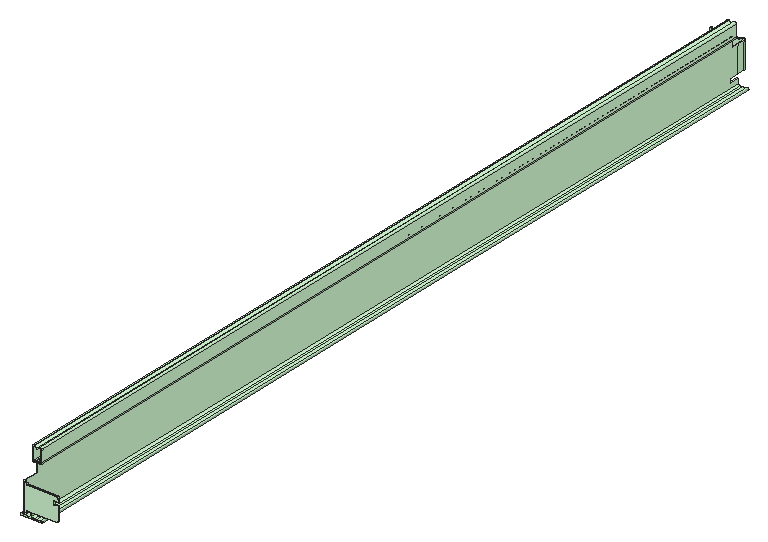
Revit family "eTバー4015クロス(600グリッド用)", category 機械設備, Revit 2020
Family settings
  丸型コネクタ寸法 = 直径を使用
  種別 = なし
  パーツ タイプ = 標準
  作業面ベース = いいえ
  常に垂直 = はい
  ロード時にボイドで切り取り = いいえ
  共有 = いいえ
  部屋計算ポイント = いいえ
Parameters
  製造元 = "株式会社桐井製作所"
  既定の高さ = 0 mm
  URL = "https://www.kirii.co.jp/"
  K_長さ(mm) = 600 mm
  K_材質 = "溶融亜鉛めっき鋼板及び鋼帯SGCC 一般用　カラー鋼板"
  K_品名 = "eTバー4015クロス(600グリッド用)"
  K_名称 = "Tバー"
  K_入数 = "40"
  K_バージョン情報 = "20220411"
  K_めっき付着量 = "JIS G 3302 Z12、カラー鋼板　塗装膜厚20μ(白色)"
  K_JIS規格 = "JIS G 3302"
Reference planes
  plane 1 "中心(正面/背面)": y = 0
  plane 2: z = 0
  plane 3 "中心(左/右)": x = 0
  plane 4: y = 600
Forms (mm)
  Extrusion 1, solid
    sketch origin (0, -1320, 7.1) x (-1, 0, 0) y (0, 0, 1)
      loop
        arc (0.4, 24.899) -> (0.715, 25.363) -> (1.263, 25.242) r 0.5
        arc (1.263, 25.242) -> (1.627, 24.916) -> (2.1, 24.799) r 1.011
        arc (2.1, 24.799) -> (2.736, 25.062) -> (3, 25.699) r 0.9
        line (3, 25.699) -> (3, 33.799)
        arc (3, 33.799) -> (2.473, 34.679) -> (1.448, 34.633) r 1
        line (1.448, 34.633) -> (0, 33.681) -> (-1.448, 34.633)
        arc (-1.448, 34.633) -> (-2.473, 34.679) -> (-3, 33.799) r 1
        line (-3, 33.799) -> (-3, 25.699)
        arc (-3, 25.699) -> (-2.736, 25.062) -> (-2.1, 24.799) r 0.9
        arc (-2.1, 24.799) -> (-1.627, 24.916) -> (-1.263, 25.242) r 1.011
        arc (-1.263, 25.242) -> (-0.715, 25.363) -> (-0.4, 24.899) r 0.5
        line (-0.4, 24.899) -> (-0.4, -5.442)
        arc (-0.4, -5.442) -> (-0.717, -6.207) -> (-1.483, -6.525) r 1.083
        line (-1.483, -6.525) -> (-4, -6.26) -> (-5.807, -6.26) -> (-6.519, -5.891)
        arc (-6.519, -5.891) -> (-7.477, -6.278) -> (-6.85, -7.1) r 0.65
        line (-6.85, -7.1) -> (6.85, -7.1)
        arc (6.85, -7.1) -> (7.477, -6.278) -> (6.519, -5.891) r 0.65
        line (6.519, -5.891) -> (5.807, -6.26) -> (4, -6.26) -> (1.483, -6.525)
        arc (1.483, -6.525) -> (0.717, -6.207) -> (0.4, -5.441) r 1.083
        line (0.4, -5.441) -> (0.4, 24.899)
      loop
        arc (-1.668, 34.298) -> (-2.283, 34.327) -> (-2.6, 33.799) r 0.6
        line (-2.6, 33.799) -> (-2.6, 25.699)
        arc (-2.6, 25.699) -> (-2.302, 25.241) -> (-1.763, 25.329) r 0.5
        line (-1.763, 25.329) -> (-1.063, 25.784)
        arc (-1.063, 25.784) -> (-0.324, 25.59) -> (0, 24.899) r 0.9
        arc (0, 24.899) -> (0.324, 25.59) -> (1.063, 25.784) r 0.9
        line (1.063, 25.784) -> (1.763, 25.329)
        arc (1.763, 25.329) -> (2.302, 25.241) -> (2.6, 25.699) r 0.5
        line (2.6, 25.699) -> (2.6, 33.799)
        arc (2.6, 33.799) -> (2.283, 34.327) -> (1.668, 34.298) r 0.6
        line (1.668, 34.298) -> (0.549, 33.563)
        arc (0.549, 33.563) -> (0, 33.399) -> (-0.549, 33.563) r 1
        line (-0.549, 33.563) -> (-1.668, 34.298)
    from 1320 to 1920
  Extrusion 2, void
    sketch origin (0, 0, 0) x (0, 1, 0) y (0, 0, 1)
      loop
        line (5, 41.941) -> (0, 41.941) -> (0, 25.9) -> (5, 25.9) -> (5, 41.941)
    from -3.77 to 3.77
  Extrusion 3, solid
    sketch origin (-0.114, 0, 16.166) x (1, 0, 0) y (0, 1, 0)
      loop
        line (24.214, -7.2) -> (24.214, -6.4) -> (1.714, -6.4)
        arc (1.714, -6.4) -> (0.866, -6.049) -> (0.514, -5.2) r 1.2
        line (0.514, -5.2) -> (0.514, 0) -> (-0.286, 0) -> (-0.286, -5.2)
        arc (-0.286, -5.2) -> (0.3, -6.614) -> (1.714, -7.2) r 2
        line (1.714, -7.2) -> (24.214, -7.2)
    from -8.266 to 9.734
  Extrusion 4, void
    sketch origin (0, 0, -7.234) x (1, 0, 0) y (0, 0, 1)
      loop
        line (2.6, 31.999) -> (23.1, 31.999)
        arc (23.1, 31.999) -> (23.807, 31.706) -> (24.1, 30.999) r 1
        line (24.1, 30.999) -> (24.1, 33.134) -> (2.6, 33.134) -> (2.6, 31.999)
    from 6.4 to 7.2
  Extrusion 5, void
    sketch origin (0, 0, -7.234) x (1, 0, 0) y (0, 0, 1)
      loop
        line (24.1, 26.599) -> (24.1, 28.599) -> (21.1, 28.599) -> (21.1, 26.599) -> (24.1, 26.599)
    from 6.4 to 7.2
  Extrusion 6, void
    sketch origin (0, 0, 0) x (0, 1, 0) y (0, 0, 1)
      loop
        line (6.9, 7.833) -> (0, 7.833) -> (0, 4.833) -> (6.9, 4.833) -> (6.9, 7.833)
    from -0.4 to 0.4
  Extrusion 7, void
    sketch origin (0, -13.6, -8.031) x (1, 0, 0) y (0, 0, -1)
      loop
        line (24.1, -15.931) -> (2.6, -15.931) -> (2.6, -16.999) -> (22.1, -16.999)
        arc (22.1, -16.999) -> (23.231, -17.237) -> (24.1, -17.999) r 2.28
        line (24.1, -17.999) -> (24.1, -15.931)
    from 6.4 to 7.2
  Extrusion 8, void
    sketch origin (0, 600, 0) x (0, -1, 0) y (0, 0, -1)
      loop
        line (5, -41.941) -> (5, -25.737) -> (0, -25.737) -> (0, -41.941) -> (5, -41.941)
    from -3.77 to 3.77
  Extrusion 9, void
    sketch origin (0, 600, 0) x (0, -1, 0) y (0, 0, -1)
      loop
        line (6.9, -7.833) -> (6.9, -4.833) -> (0, -4.833) -> (0, -7.833) -> (6.9, -7.833)
    from -0.4 to 0.4
  Extrusion 10, solid
    sketch origin (0.114, 600, 16.166) x (-1, 0, 0) y (0, -1, 0)
      loop
        line (24.214, -7.2) -> (24.214, -6.4) -> (1.714, -6.4)
        arc (1.714, -6.4) -> (0.866, -6.049) -> (0.514, -5.2) r 1.2
        line (0.514, -5.2) -> (0.514, 0) -> (-0.286, 0) -> (-0.286, -5.2)
        arc (-0.286, -5.2) -> (0.3, -6.614) -> (1.714, -7.2) r 2
        line (1.714, -7.2) -> (24.214, -7.2)
    from -8.266 to 9.571
  Extrusion 11, void
    sketch origin (0, 600, -7.234) x (-1, 0, 0) y (0, 0, 1)
      loop
        line (24.1, 26.599) -> (24.1, 28.599) -> (21.1, 28.599) -> (21.1, 26.599) -> (24.1, 26.599)
    from 6.4 to 7.2
  Extrusion 12, void
    sketch origin (0, 600, -8.099) x (-1, 0, 0) y (0, 0, 1)
      loop
        line (24.1, 15.931) -> (24.1, 17.999)
        arc (24.1, 17.999) -> (23.231, 17.237) -> (22.1, 16.999) r 2.28
        line (22.1, 16.999) -> (2.6, 16.999) -> (2.6, 15.931) -> (24.1, 15.931)
    from 6.4 to 7.2
  Extrusion 13, void
    sketch origin (0, 613.6, -7.396) x (-1, 0, 0) y (0, 0, -1)
      loop
        line (2.6, -31.999) -> (2.6, -33.134) -> (24.1, -33.134) -> (24.1, -30.999)
        arc (24.1, -30.999) -> (23.807, -31.706) -> (23.1, -31.999) r 1
        line (23.1, -31.999) -> (2.6, -31.999)
    from 6.4 to 7.2
Cuts and joins
  Extrusion 2, Extrusion 6, Extrusion 7, Extrusion 8, Extrusion 9 cuts Extrusion 1
  Extrusion 4, Extrusion 5, Extrusion 7 cuts Extrusion 3
  joined: Extrusion 1, Extrusion 3
  Extrusion 11, Extrusion 12, Extrusion 13 cuts Extrusion 10
Dimensions and locks
  plane 4 to plane 1 "中心(正面/背面)" = 600 mm
  aligned and locked: level to plane 2
  aligned and locked: plane 4 to Extrusion 1
